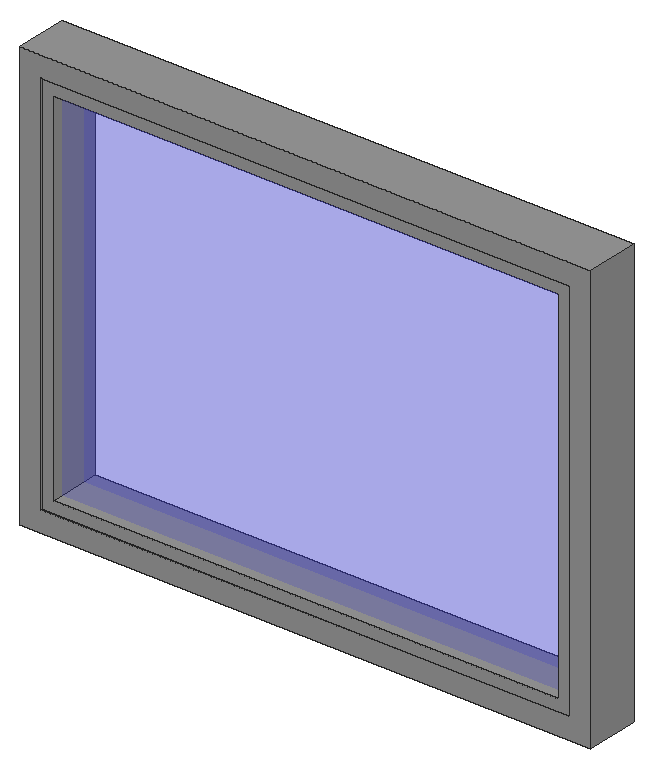
Revit family "Studio 5 Window", category Windows, host Wall, Revit 2023
Family settings
  Host = Wall
  OmniClass Number = 23.30.20.00
  OmniClass Title = Windows
  Always vertical = Yes
  Cut with Voids When Loaded = No
  Shared = No
  Room Calculation Point = No
Parameters (values of type "FLAT 48 x 36")
  a = Width - 0' 3 1/2"  # 3' - 8 1/2"
  URL = "https://www.acousticalsurfaces.com/acoustic_windows/acoustical_windows.htm"
  Type Comments = "Soundproof windows"
  Rough Width = 4' - 0 1/2"
  Rough Height = 3' - 0 1/2"
  Offset [instance] = 2' - 0"
  Manufacturer = "Acoustical Surfaces, Inc."
  Height = 3' - 0"
  Glass = Laminated Glass – Studio (4/5/6/8) Soundproof Window
  Frame Material = Aluminum – Studio (4/5/6/8) Soundproof Window
  Frame Finish = "Clear / Dark Bronze Anodized"
  Description = "Soundproof interior windows"
  Define Thermal Properties by = Schematic Type
  Default Sill Height = 2' - 7.49606"
  Wall Closure = By host
  Width = 4' - 0"
  Assembly Code = "C1030"
  Analytic Construction = "<None>"
Types (2): name | a | Rough Width | Width
  FLAT 48 x 36 | 3' - 8 1/2" | 4' - 0 1/2" | 4' - 0"
  FLAT 72 x 36 | 5' - 8 1/2" | 6' - 0 1/2" | 6' - 0"
Reference planes (in)
  plane 1 "Center (Front/Back)": y = 0
  plane 2 "Center (Left/Right)": x = 0
  plane 3 "Left": x = -24
  plane 4 "Right": x = 24
  plane 5 "Sill": z = 31.49606
  plane 6 "Head": z = 67.49606
  plane 7 "Exterior": y = 3.93701
  plane 8 "Interior": y = -3.93701
  plane 9: y = 3.93701
Lines and regions (in)
  Opening 1
    outline origin (137.79528, -3.93701, 0) x (1, 0, 0) y (0, 0, 1)
      loop
        line (-113.79528, 31.49606) -> (-113.79528, 67.49606) -> (-161.79528, 67.49606) -> (-161.79528, 31.49606) -> (-113.79528, 31.49606)
Text (in)
  text "EXTERIOR" at (-77.29147, 52.45485, 0), in view "Ref. Level"
  text "INTERIOR" at (-78.01048, -32.21994, 0), in view "Ref. Level"
  text "Exterior" at (0, 36.36817, 115.8778), in view "Right"
  text "Exterior" at (0, 40.96394, 105.72475), in view "Left"
Dimensions and locks (in)
  equal spacing: plane 3 "Left", plane 2 "Center (Left/Right)", plane 4 "Right"
  "Width": plane 3 "Left" to plane 4 "Right"
  "Height": plane 5 "Sill" to plane 6 "Head"
  "Default Sill Height": plane 5 "Sill" to level
  locked: plane 7 "Exterior" to host wall
  locked: plane 8 "Interior" to host wall
  locked: plane 5 "Sill" to nested 1
  "Offset": nested 1 to plane 9
Automatic sketch dimensions
  Opening 1 sketch curve to plane 3 "Left" = 0' - 0"
  Opening 1 sketch curve to plane 4 "Right" = 0' - 0"
  Opening 1 sketch curve to plane 5 "Sill" = 0' - 0"
  Opening 1 sketch curve to plane 6 "Head" = 0' - 0"
Nested families (in)
  nested 1: "1" at (0, -22.31299, 31.49606), type "1"
    with Width 4' - 0"
Definition of nested family "1"
  Parameters (values of type "1")
    b = 0' - 2 1/2"
    a = 0' - 2 3/4"
    Width = 6' - 0"
    Material = none
    Height = 3' - 0"
    Glass = none
    Frame Thickness = 0' - 1 3/4"
    Depth = 0' - 4 1/2"
    Default Elevation = 0' - 0"
  Reference planes (in)
    plane 1 "Center (Front/Back)": y = 0
    plane 2: z = 0
    plane 3 "Center (Left/Right)": x = 0
    plane 4: y = 2.25
    plane 5: y = -2.25
    plane 6: x = -36
    plane 7: x = 36
    plane 8: z = 36
    plane 9: y = 2.17969
    plane 10: y = -2.17969
    plane 11: z = 2.5
    plane 12: z = 33.5
  Forms (in)
    Extrusion 1, solid, material <- "Material"
      sketch origin (0, 0, 0) x (1, 0, 0) y (0, 0, 1)
        loop
          line (36, 36) -> (-36, 36) -> (-36, 0) -> (36, 0) -> (36, 36)
        loop
          line (34.25, 34.25) -> (-34.25, 34.25) -> (-34.25, 1.75) -> (34.25, 1.75) -> (34.25, 34.25)
      from -2.25 to 2.25
    Extrusion 2, solid, material <- "Material"
      sketch origin (0, 0, 0) x (1, 0, 0) y (0, 0, 1)
        loop
          line (36, 36) -> (-36, 36) -> (-36, 0) -> (36, 0) -> (36, 36)
        loop
          line (33.25, 33.25) -> (-33.25, 33.25) -> (-33.25, 2.75) -> (33.25, 2.75) -> (33.25, 33.25)
      from -2.17969 to 2.17969
    Extrusion 3, solid, material <- "Glass"
      sketch origin (0, 0, 0) x (0, 1, 0) y (0, 0, 1)
        loop
          line (1.35857, 33.50114) -> (1.02803, 33.50114) -> (1.02803, 2.5) -> (1.35857, 2.5) -> (1.35857, 33.50114)
        loop
          line (-1.03018, 33.50114) -> (-1.28528, 33.50114) -> (-1.28528, 2.5) -> (-1.03018, 2.5) -> (-1.03018, 33.50114)
      from -36 to 36
  Cuts and joins
    joined: Extrusion 1, Extrusion 2
  Dimensions and locks (in)
    equal spacing: plane 4, plane 1 "Center (Front/Back)", plane 5
    "Depth": plane 4 to plane 5
    equal spacing: plane 6, plane 3 "Center (Left/Right)", plane 7
    "Width": plane 6 to plane 7
    "Height": plane 8 to level
    "Frame Thickness": Extrusion 1 sketch curve to plane 6
    "Frame Thickness": plane 7 to Extrusion 1 sketch curve
    "Frame Thickness": Extrusion 1 sketch curve to Extrusion 1 sketch curve
    "Frame Thickness": Extrusion 1 sketch curve to level
    locked: plane 8 to import instance
    locked: import instance to level
    "a": Extrusion 2 sketch curve to plane 6
    "a": plane 7 to Extrusion 2 sketch curve
    "a": plane 8 to Extrusion 2 sketch curve
    "a": Extrusion 2 sketch curve to level
    locked: plane 4 to plane 9 at 0.07031
    locked: plane 10 to plane 5 at 0.07031
    "b": plane 8 to plane 12
    "b": plane 2 to plane 11
    aligned and locked: level to plane 2
    aligned and locked: plane 8 to Extrusion 1 sketch curve
    aligned and locked: Extrusion 1 sketch curve to plane 6
    aligned and locked: plane 7 to Extrusion 1 sketch curve
    aligned and locked: Extrusion 1 sketch curve to level
    aligned and locked: plane 4 to Extrusion 1
    aligned and locked: plane 5 to Extrusion 1
    aligned and locked: Extrusion 2 sketch curve to plane 6
    aligned and locked: plane 8 to Extrusion 2 sketch curve
    aligned and locked: plane 7 to Extrusion 2 sketch curve
    aligned and locked: Extrusion 2 sketch curve to level
    aligned and locked: Extrusion 2 to plane 9
    aligned and locked: Extrusion 2 to plane 10
    aligned and locked: plane 11 to Extrusion 3  (x2)
    aligned and locked: Extrusion 3 to import instance  (x2)
    aligned and locked: plane 7 to Extrusion 3
    aligned and locked: Extrusion 3 to plane 6
  Automatic sketch dimensions
    plane 10 to Extrusion 3 sketch curve = 0' - 0.89441"
    Extrusion 3 sketch curve to Extrusion 3 sketch curve = 0' - 0.2551"
    Extrusion 3 sketch curve to plane 1 "Center (Front/Back)" = 0' - 1.02803"
    Extrusion 3 sketch curve to Extrusion 3 sketch curve = 0' - 0.33054"
    Extrusion 3 sketch curve to plane 8 = 0' - 2.49886"  (x2)
    level to Extrusion 3 sketch curve = 0' - 2 1/2"  (x2)
